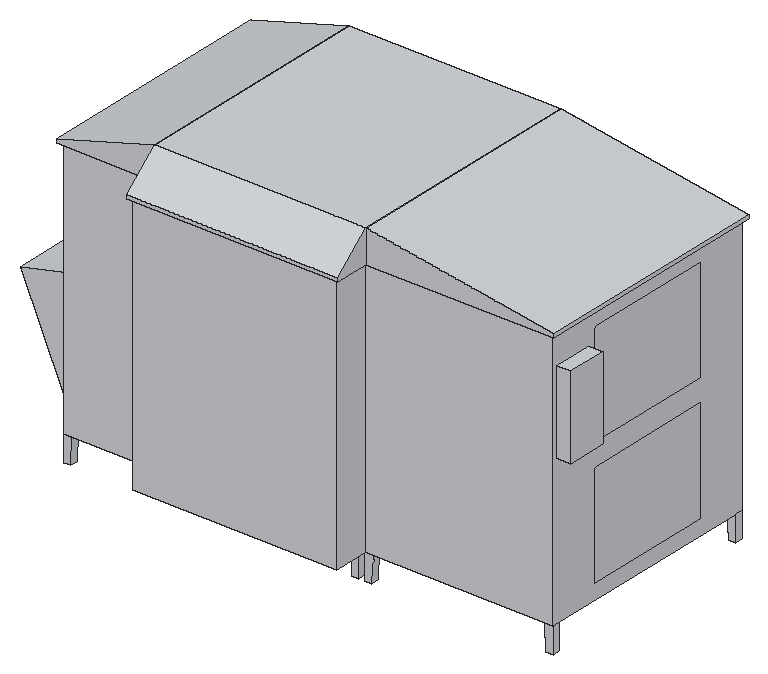
Revit family "AHU 4 _4", category Mechanické zařízení, Revit 2018
Family settings
  Kóta kulaté spojky = Použít průměr
  Typ dílu = Normální
  Číslo OmniClass = 23.75.00.00
  Nadpis OmniClass = Climate Control (HVAC)
  Založené na pracovní rovině = Ne
  Vždy vertikální = Ano
  Ořezat dutým tvarem při načtení = Ne
  Sdílené = Ne
  Bod výpočtu místnosti = Ne
Parameters (values of type "DUPLEXVENT 11000 Multi-N")
  Width [instance] = 2.1 mm
  Weight [instance] = 1408.00 kg
  URL = ""
  Type [instance] = "DUPLEXVENT 11000 Multi-N"
  Total_SFP [instance] = 0
  Supply_outlet_hum [instance] = 90
  Supply_inlet_hum [instance] = 90
  Supply_ext_pressure [instance] = 0.0 Pa
  Supply_SFP [instance] = 0
  Source_adu_file [instance] = ""
  Recuperation_type [instance] = "Plate heat recovery exchanger"
  Recuperation_efficiency_EN308 [instance] = 0
  Project_name [instance] = ""
  Project_date [instance] = "9.8.2023"
  Power_supply_fusing [instance] = "0"
  Power_supply_cable [instance] = "0"
  Position [instance] = "AHU 4 "
  Phases_count [instance] = 3
  Panel_thickness [instance] = 0.06 mm
  Outer_surface [instance] = "RAL 9002"
  Length [instance] = 3.37 mm
  Insulation_type [instance] = "PUR"
  Insulation_thickness [instance] = 0.05 mm
  Installation_environment [instance] = ""
  Input_power_max [instance] = 10800 W
  Inner_surface [instance] = "Pozink"
  I2 [instance] = I1  # 0.0 L/s
  Height [instance] = 1.795 mm
  Exhaust_outlet_hum [instance] = 40
  Exhaust_inlet_hum [instance] = 40
  Exhaust_ext_pressure [instance] = 0.0 Pa
  Exhaust_SFP [instance] = 0
  E1 [instance] = E2 - M1  # 0.0 L/s
  E2 [instance] = 0.0 L/s
  I1 [instance] = 0.0 L/s
  Description = ""
  M1 [instance] = 0.0 L/s
  Device_dutypoint_version [instance] = "0"
  Device_design_version [instance] = "9"
  Device_adu_id [instance] = "4"
  Current_max [instance] = 17.2 A
  Casing_mat [instance] = "painted zinc layer"
  Cable type [instance] = "CYKY 5Jx4"
Reference planes
  plane 1 "Střed (vpředu/vzadu)": y = 0
  plane 2 "ref": z = 0
  plane 3 "Střed (vlevo/vpravo)": x = 0
Forms (mm)
  Sweep 1, solid
    path origin (0, 0, 0) x (0, 0, 1) y (1, 0, 0)
      loop
        line (0, 0) -> (1795, 0)
    profile origin (0, 0, 0) x (1, 0, 0) y (0, 1, 0)
      loop
        line (0, 0) -> (671, 0) -> (671, 1620) -> (0, 1620) -> (0, 0)
  Sweep 2, solid
    path origin (0, 0, 0) x (0, 0, 1) y (1, 0, 0)
      loop
        line (0, 0) -> (1795, 0)
    profile origin (0, 0, 0) x (1, 0, 0) y (0, 1, 0)
      loop
        line (671, -240) -> (2074, -240) -> (2074, 1860) -> (671, 1860) -> (671, -240)
  Sweep 3, solid
    path origin (0, 0, 0) x (0, 0, 1) y (1, 0, 0)
      loop
        line (0, 0) -> (1795, 0)
    profile origin (0, 0, 0) x (1, 0, 0) y (0, 1, 0)
      loop
        line (2074, 0) -> (3367, 0) -> (3367, 1620) -> (2074, 1620) -> (2074, 0)
  Sweep 4, solid
    path origin (1685, 1645, 897) x (1, 0, 0) y (0, 1, 0)
      loop
        line (0, 0) -> (0, -1670)
    profile origin (1685, 1645, 897) x (1, 0, 0) y (0, 0, 1)
      loop
        line (-1710, 897) -> (-1039, 897) -> (-1039, 1123) -> (-1710, 922) -> (-1710, 897)
  Sweep 5, solid
    path origin (646, 810, 897) x (1, 0, 0) y (0, 1, 0)
      loop
        line (0, 0) -> (1456, 0)
    profile origin (646, 810, 897) x (0, 1, 0) y (0, 0, 1)
      loop
        line (-1075, 897) -> (1075, 897) -> (1075, 922) -> (835, 1123) -> (-835, 1123) -> (-1075, 922) -> (-1075, 897)
  Sweep 6, solid
    path origin (1685, 1645, 897) x (1, 0, 0) y (0, 1, 0)
      loop
        line (0, 0) -> (0, -1670)
    profile origin (1685, 1645, 897) x (1, 0, 0) y (0, 0, 1)
      loop
        line (1710, 897) -> (1710, 922) -> (417, 1123) -> (417, 897) -> (1710, 897)
  Sweep 7, solid
    path origin (-250, 1365, 465) x (1, 0, 0) y (0, 1, 0)
      loop
        line (0, 0) -> (0, -1110)
    profile origin (-250, 1365, 465) x (1, 0, 0) y (0, 0, 1)
      loop
        line (249, 400) -> (-250, 280) -> (50, -400) -> (250, -400) -> (249, 400)
  Sweep 8, solid
    path origin (0, 810, 465) x (0, 1, 0) y (-1, 0, 0)
      loop
        line (0, 0) -> (0, 1)
    profile origin (0, 810, 465) x (0, -1, 0) y (0, 0, 1)
      loop
        line (-555, -400) -> (555, -400) -> (555, 400) -> (-555, 400) -> (-555, -400)
  Sweep 9, solid
    path origin (3369, 810, 1330) x (1, 0, 0) y (0, 1, 0)
      loop
        line (0, 0) -> (1, 0)
    profile origin (3369, 810, 1330) x (0, 1, 0) y (0, 0, 1)
      loop
        line (-450, 355) -> (-450, -355) -> (450, -355) -> (450, 355) -> (-450, 355)
  Sweep 10, solid
    path origin (3369, 810, 465) x (1, 0, 0) y (0, 1, 0)
      loop
        line (0, 0) -> (1, 0)
    profile origin (3369, 810, 465) x (0, 1, 0) y (0, 0, 1)
      loop
        line (-450, 355) -> (-450, -355) -> (450, -355) -> (450, 355) -> (-450, 355)
  Sweep 11, solid
    path origin (1, 810, 1330) x (0, 1, 0) y (-1, 0, 0)
      loop
        line (0, 0) -> (0, 1)
    profile origin (1, 810, 1330) x (0, -1, 0) y (0, 0, 1)
      loop
        line (-450, -355) -> (450, -355) -> (450, 355) -> (-450, 355) -> (-450, -355)
  Sweep 12, solid
    path origin (1785, 360, 0) x (0, -1, 0) y (0, 0, 1)
      loop
        line (0, 0) -> (0, -142)
    profile origin (1785, 360, 0) x (-1, 0, 0) y (0, -1, 0)
      loop
        circle (0, 0) r 8
  Sweep 13, solid
    path origin (1793, 360, -150) x (0, 0, -1) y (1, 0, 0)
      loop
        line (0, 0) -> (0, 14)
    profile origin (1793, 360, -150) x (0, 0, 1) y (0, -1, 0)
      loop
        circle (0, 0) r 8
  Sweep 14, solid
    path origin (1815, 360, -142) x (0, -1, 0) y (0, 0, 1)
      loop
        line (0, 0) -> (0, 59)
    profile origin (1815, 360, -142) x (0, 1, 0) y (-1, 0, 0)
      loop
        circle (0, 0) r 8
  Sweep 15, solid
    path origin (1823, 360, -75) x (0, 0, -1) y (1, 0, 0)
      loop
        line (0, 0) -> (0, 22)
    profile origin (1823, 360, -75) x (0, 0, 1) y (0, -1, 0)
      loop
        circle (0, 0) r 8
  Sweep 16, solid
    path origin (970, 360, 0) x (0, -1, 0) y (0, 0, 1)
      loop
        line (0, 0) -> (0, -142)
    profile origin (970, 360, 0) x (-1, 0, 0) y (0, -1, 0)
      loop
        circle (0, 0) r 8
  Sweep 17, solid
    path origin (978, 360, -150) x (0, 0, -1) y (1, 0, 0)
      loop
        line (0, 0) -> (0, 14)
    profile origin (978, 360, -150) x (0, 0, 1) y (0, -1, 0)
      loop
        circle (0, 0) r 8
  Sweep 18, solid
    path origin (1000, 360, -142) x (0, -1, 0) y (0, 0, 1)
      loop
        line (0, 0) -> (0, 59)
    profile origin (1000, 360, -142) x (0, 1, 0) y (-1, 0, 0)
      loop
        circle (0, 0) r 8
  Sweep 19, solid
    path origin (1008, 360, -75) x (0, 0, -1) y (1, 0, 0)
      loop
        line (0, 0) -> (0, 22)
    profile origin (1008, 360, -75) x (0, 0, 1) y (0, -1, 0)
      loop
        circle (0, 0) r 8
  Sweep 20, solid
    path origin (25, 50, 0) x (1, 0, 0) y (0, 1, 0)
      loop
        line (0, 0) -> (0, -50)
    profile origin (25, 50, 0) x (1, 0, 0) y (0, 0, 1)
      loop
        line (-25, 0) -> (-25, -175) -> (25, -175) -> (35, 0) -> (-25, 0)
  Sweep 21, solid
    path origin (3345, 50, 0) x (1, 0, 0) y (0, 1, 0)
      loop
        line (0, 0) -> (0, -50)
    profile origin (3345, 50, 0) x (1, 0, 0) y (0, 0, 1)
      loop
        line (-35, 0) -> (-25, -175) -> (25, -175) -> (25, 0) -> (-35, 0)
  Sweep 22, solid
    path origin (25, 1620, 0) x (1, 0, 0) y (0, 1, 0)
      loop
        line (0, 0) -> (0, -50)
    profile origin (25, 1620, 0) x (1, 0, 0) y (0, 0, 1)
      loop
        line (-25, 0) -> (-25, -175) -> (25, -175) -> (35, 0) -> (-25, 0)
  Sweep 23, solid
    path origin (3345, 1620, 0) x (1, 0, 0) y (0, 1, 0)
      loop
        line (0, 0) -> (0, -50)
    profile origin (3345, 1620, 0) x (1, 0, 0) y (0, 0, 1)
      loop
        line (-35, 0) -> (-25, -175) -> (25, -175) -> (25, 0) -> (-35, 0)
  Sweep 24, solid
    path origin (650, 50, 0) x (1, 0, 0) y (0, 1, 0)
      loop
        line (0, 0) -> (0, -50)
    profile origin (650, 50, 0) x (1, 0, 0) y (0, 0, 1)
      loop
        line (-35, 0) -> (-25, -175) -> (25, -175) -> (25, 0) -> (-35, 0)
  Sweep 25, solid
    path origin (650, 1620, 0) x (1, 0, 0) y (0, 1, 0)
      loop
        line (0, 0) -> (0, -50)
    profile origin (650, 1620, 0) x (1, 0, 0) y (0, 0, 1)
      loop
        line (-35, 0) -> (-25, -175) -> (25, -175) -> (25, 0) -> (-35, 0)
  Sweep 26, solid
    path origin (739, 50, 0) x (1, 0, 0) y (0, 1, 0)
      loop
        line (0, 0) -> (0, -50)
    profile origin (739, 50, 0) x (1, 0, 0) y (0, 0, 1)
      loop
        line (-25, 0) -> (-25, -175) -> (25, -175) -> (35, 0) -> (-25, 0)
  Sweep 27, solid
    path origin (739, 1620, 0) x (1, 0, 0) y (0, 1, 0)
      loop
        line (0, 0) -> (0, -50)
    profile origin (739, 1620, 0) x (1, 0, 0) y (0, 0, 1)
      loop
        line (-25, 0) -> (-25, -175) -> (25, -175) -> (35, 0) -> (-25, 0)
  Sweep 28, solid
    path origin (2009, 50, 0) x (1, 0, 0) y (0, 1, 0)
      loop
        line (0, 0) -> (0, -50)
    profile origin (2009, 50, 0) x (1, 0, 0) y (0, 0, 1)
      loop
        line (-35, 0) -> (-25, -175) -> (25, -175) -> (25, 0) -> (-35, 0)
  Sweep 29, solid
    path origin (2009, 1620, 0) x (1, 0, 0) y (0, 1, 0)
      loop
        line (0, 0) -> (0, -50)
    profile origin (2009, 1620, 0) x (1, 0, 0) y (0, 0, 1)
      loop
        line (-35, 0) -> (-25, -175) -> (25, -175) -> (25, 0) -> (-35, 0)
  Sweep 30, solid
    path origin (2098, 50, 0) x (1, 0, 0) y (0, 1, 0)
      loop
        line (0, 0) -> (0, -50)
    profile origin (2098, 50, 0) x (1, 0, 0) y (0, 0, 1)
      loop
        line (-25, 0) -> (-25, -175) -> (25, -175) -> (35, 0) -> (-25, 0)
  Sweep 31, solid
    path origin (2098, 1620, 0) x (1, 0, 0) y (0, 1, 0)
      loop
        line (0, 0) -> (0, -50)
    profile origin (2098, 1620, 0) x (1, 0, 0) y (0, 0, 1)
      loop
        line (-25, 0) -> (-25, -175) -> (25, -175) -> (35, 0) -> (-25, 0)
  Sweep 32, solid
    path origin (0, 0, 1024) x (0, 0, 1) y (1, 0, 0)
      loop
        line (0, 0) -> (570, 0)
    profile origin (0, 0, 1024) x (1, 0, 0) y (0, 1, 0)
      loop
        line (3370, 25) -> (3470, 25) -> (3470, 300) -> (3370, 300) -> (3370, 25)
  Sweep 33, solid
    path origin (3420, 163, 1024) x (0, -1, 0) y (0, 0, 1)
      loop
        line (0, 0) -> (0, -1)
    profile origin (3420, 163, 1024) x (-1, 0, 0) y (0, -1, 0)
      loop
        circle (0, 0) r 10
Lines and regions (mm)
  model lines, style "Symbol"
    curve 1: line (1382, -240, 0) -> (1382, -240, 359)
    curve 2: line (1382, -240, 1795) -> (1382, -240, 1436)
    curve 3: line (0, 0, 897) -> (671, 0, 897)
    curve 4: line (671, -240, 897) -> (843, -240, 897)
    curve 5: line (2074, -240, 897) -> (1920, -240, 897)
    curve 6: line (2074, 0, 897) -> (3370, 0, 897)
    curve 7: line (843, -240, 897) -> (1112, -240, 1436)
    curve 8: line (1112, -240, 1436) -> (1651, -240, 1436)
    curve 9: line (1651, -240, 1436) -> (1920, -240, 897)
    curve 10: line (1920, -240, 897) -> (1651, -240, 359)
    curve 11: line (1651, -240, 359) -> (1382, -240, 359)
    curve 12: line (1382, -240, 359) -> (1112, -240, 359)
    curve 13: line (1112, -240, 359) -> (843, -240, 897)
    curve 14: line (2975, 0, 1474) -> (3262, 0, 1425)
    curve 15: line (2975, 0, 1218) -> (3262, 0, 1267)
    curve 16: line (395, 0, 1218) -> (108, 0, 1267)
    curve 17: line (395, 0, 1474) -> (108, 0, 1425)
    curve 18: line (67, 0, 179) -> (67, 0, 718)
    curve 19: line (67, 0, 718) -> (270, 0, 718)
    curve 20: line (270, 0, 718) -> (270, 0, 179)
    curve 21: line (270, 0, 179) -> (67, 0, 179)
    curve 22: line (169, 0, 179) -> (270, 0, 449)
    curve 23: line (169, 0, 718) -> (270, 0, 449)
    curve 24: line (3303, 0, 718) -> (3303, 0, 179)
    curve 25: line (3303, 0, 179) -> (3100, 0, 179)
    curve 26: line (3100, 0, 179) -> (3100, 0, 718)
    curve 27: line (3100, 0, 718) -> (3303, 0, 718)
    curve 28: line (3201, 0, 718) -> (3100, 0, 449)
    curve 29: line (3201, 0, 179) -> (3100, 0, 449)
    curve 30: line (1015, -240, 314) -> (771, -240, 794)
    curve 31: line (771, -240, 794) -> (851, -240, 835)
    curve 32: line (851, -240, 835) -> (1095, -240, 355)
    curve 33: line (1095, -240, 355) -> (1015, -240, 314)
    curve 34: line (868, -240, 622) -> (900, -240, 719)
    curve 35: line (966, -240, 430) -> (998, -240, 527)
    curve 36: line (0, -1600, 0) -> (0, -240, 0)
    curve 37: line (3370, -1600, 0) -> (3370, -240, 0)
    curve 38: line (0, -1600, 0) -> (3370, -1600, 0)
    curve 39: line (0, -1600, 1795) -> (0, -240, 1795)
    curve 40: line (3370, -1600, 1795) -> (3370, -240, 1795)
    curve 41: line (0, -1600, 1795) -> (3370, -1600, 1795)
    curve 42: line (0, -1600, 0) -> (0, -1600, 1795)
    curve 43: line (3370, -1600, 0) -> (3370, -1600, 1795)
    curve 44: line (0, -1600, 1595) -> (200, -1600, 1795)
    curve 45: line (0, -1600, 1395) -> (400, -1600, 1795)
    curve 46: line (0, -1600, 1195) -> (600, -1600, 1795)
    curve 47: line (0, -1600, 995) -> (800, -1600, 1795)
    curve 48: line (0, -1600, 795) -> (1000, -1600, 1795)
    curve 49: line (0, -1600, 595) -> (1200, -1600, 1795)
    curve 50: line (0, -1600, 395) -> (1400, -1600, 1795)
    curve 51: line (0, -1600, 195) -> (1600, -1600, 1795)
    curve 52: line (5, -1600, 0) -> (1800, -1600, 1795)
    curve 53: line (205, -1600, 0) -> (2000, -1600, 1795)
    curve 54: line (405, -1600, 0) -> (2200, -1600, 1795)
    curve 55: line (605, -1600, 0) -> (2400, -1600, 1795)
    curve 56: line (805, -1600, 0) -> (2600, -1600, 1795)
    curve 57: line (1005, -1600, 0) -> (2800, -1600, 1795)
    curve 58: line (1205, -1600, 0) -> (3000, -1600, 1795)
    curve 59: line (1405, -1600, 0) -> (3200, -1600, 1795)
    curve 60: line (1605, -1600, 0) -> (3370, -1600, 1765)
    curve 61: line (1805, -1600, 0) -> (3370, -1600, 1565)
    curve 62: line (2005, -1600, 0) -> (3370, -1600, 1365)
    curve 63: line (2205, -1600, 0) -> (3370, -1600, 1165)
    curve 64: line (2405, -1600, 0) -> (3370, -1600, 965)
    curve 65: line (2605, -1600, 0) -> (3370, -1600, 765)
    curve 66: line (2805, -1600, 0) -> (3370, -1600, 565)
    curve 67: line (3005, -1600, 0) -> (3370, -1600, 365)
    curve 68: line (3205, -1600, 0) -> (3370, -1600, 165)
    curve 69: line (3370, -1600, 1595) -> (3370, -1400, 1795)
    curve 70: line (3370, -1600, 1395) -> (3370, -1200, 1795)
    curve 71: line (3370, -1600, 1195) -> (3370, -1000, 1795)
    curve 72: line (3370, -1600, 995) -> (3370, -800, 1795)
    curve 73: line (3370, -1600, 795) -> (3370, -600, 1795)
    curve 74: line (3370, -1600, 595) -> (3370, -400, 1795)
    curve 75: line (3370, -1600, 395) -> (3370, -240, 1755)
    curve 76: line (3370, -1600, 195) -> (3370, -240, 1555)
    curve 77: line (3370, -1595, 0) -> (3370, -240, 1355)
    curve 78: line (3370, -1395, 0) -> (3370, -240, 1155)
    curve 79: line (3370, -1195, 0) -> (3370, -240, 955)
    curve 80: line (3370, -995, 0) -> (3370, -240, 755)
    curve 81: line (3370, -795, 0) -> (3370, -240, 555)
    curve 82: line (3370, -595, 0) -> (3370, -240, 355)
    curve 83: line (3370, -395, 0) -> (3370, -240, 155)
    curve 84: line (0, -1400, 1795) -> (200, -1600, 1795)
    curve 85: line (0, -1200, 1795) -> (400, -1600, 1795)
    curve 86: line (0, -1000, 1795) -> (600, -1600, 1795)
    curve 87: line (0, -800, 1795) -> (800, -1600, 1795)
    curve 88: line (0, -600, 1795) -> (1000, -1600, 1795)
    curve 89: line (0, -400, 1795) -> (1200, -1600, 1795)
    curve 90: line (40, -240, 1795) -> (1400, -1600, 1795)
    curve 91: line (240, -240, 1795) -> (1600, -1600, 1795)
    curve 92: line (440, -240, 1795) -> (1800, -1600, 1795)
    curve 93: line (640, -240, 1795) -> (2000, -1600, 1795)
    curve 94: line (840, -240, 1795) -> (2200, -1600, 1795)
    curve 95: line (1040, -240, 1795) -> (2400, -1600, 1795)
    curve 96: line (1240, -240, 1795) -> (2600, -1600, 1795)
    curve 97: line (1440, -240, 1795) -> (2800, -1600, 1795)
    curve 98: line (1640, -240, 1795) -> (3000, -1600, 1795)
    curve 99: line (1840, -240, 1795) -> (3200, -1600, 1795)
    curve 100: line (2040, -240, 1795) -> (3370, -1570, 1795)
    curve 101: line (2240, -240, 1795) -> (3370, -1370, 1795)
    curve 102: line (2440, -240, 1795) -> (3370, -1170, 1795)
    curve 103: line (2640, -240, 1795) -> (3370, -970, 1795)
    curve 104: line (2840, -240, 1795) -> (3370, -770, 1795)
    curve 105: line (3040, -240, 1795) -> (3370, -570, 1795)
    curve 106: line (3240, -240, 1795) -> (3370, -370, 1795)
    curve 107: line (4090, 0, 0) -> (3370, 0, 0)
    curve 108: line (4090, 1620, 0) -> (3370, 1620, 0)
    curve 109: line (4090, 0, 0) -> (4090, 1620, 0)
    curve 110: line (4090, 0, 1795) -> (3370, 0, 1795)
    curve 111: line (4090, 1620, 1795) -> (3370, 1620, 1795)
    curve 112: line (4090, 0, 1795) -> (4090, 1620, 1795)
    curve 113: line (4090, 0, 0) -> (4090, 0, 1795)
    curve 114: line (4090, 1620, 0) -> (4090, 1620, 1795)
    curve 115: line (4090, 0, 1595) -> (4090, 200, 1795)
    curve 116: line (4090, 0, 1395) -> (4090, 400, 1795)
    curve 117: line (4090, 0, 1195) -> (4090, 600, 1795)
    curve 118: line (4090, 0, 995) -> (4090, 800, 1795)
    curve 119: line (4090, 0, 795) -> (4090, 1000, 1795)
    curve 120: line (4090, 0, 595) -> (4090, 1200, 1795)
    curve 121: line (4090, 0, 395) -> (4090, 1400, 1795)
    curve 122: line (4090, 0, 195) -> (4090, 1600, 1795)
    curve 123: line (4090, 5, 0) -> (4090, 1620, 1615)
    curve 124: line (4090, 205, 0) -> (4090, 1620, 1415)
    curve 125: line (4090, 405, 0) -> (4090, 1620, 1215)
    curve 126: line (4090, 605, 0) -> (4090, 1620, 1015)
    curve 127: line (4090, 805, 0) -> (4090, 1620, 815)
    curve 128: line (4090, 1005, 0) -> (4090, 1620, 615)
    curve 129: line (4090, 1205, 0) -> (4090, 1620, 415)
    curve 130: line (4090, 1405, 0) -> (4090, 1620, 215)
    curve 131: line (4090, 1605, 0) -> (4090, 1620, 15)
    curve 132: line (4090, 1620, 1595) -> (3890, 1620, 1795)
    curve 133: line (4090, 1620, 1395) -> (3690, 1620, 1795)
    curve 134: line (4090, 1620, 1195) -> (3490, 1620, 1795)
    curve 135: line (4090, 1620, 995) -> (3370, 1620, 1715)
    curve 136: line (4090, 1620, 795) -> (3370, 1620, 1515)
    curve 137: line (4090, 1620, 595) -> (3370, 1620, 1315)
    curve 138: line (4090, 1620, 395) -> (3370, 1620, 1115)
    curve 139: line (4090, 1620, 195) -> (3370, 1620, 915)
    curve 140: line (4085, 1620, 0) -> (3370, 1620, 715)
    curve 141: line (3885, 1620, 0) -> (3370, 1620, 515)
    curve 142: line (3685, 1620, 0) -> (3370, 1620, 315)
    curve 143: line (3485, 1620, 0) -> (3370, 1620, 115)
    curve 144: line (3890, 0, 1795) -> (4090, 200, 1795)
    curve 145: line (3690, 0, 1795) -> (4090, 400, 1795)
    curve 146: line (3490, 0, 1795) -> (4090, 600, 1795)
    curve 147: line (3370, 80, 1795) -> (4090, 800, 1795)
    curve 148: line (3370, 280, 1795) -> (4090, 1000, 1795)
    curve 149: line (3370, 480, 1795) -> (4090, 1200, 1795)
    curve 150: line (3370, 680, 1795) -> (4090, 1400, 1795)
    curve 151: line (3370, 880, 1795) -> (4090, 1600, 1795)
    curve 152: line (3370, 1080, 1795) -> (3910, 1620, 1795)
    curve 153: line (3370, 1280, 1795) -> (3710, 1620, 1795)
    curve 154: line (3370, 1480, 1795) -> (3510, 1620, 1795)
    curve 155: line (0, 1620, -175) -> (0, 1620, 0)
    curve 156: line (3370, 1620, -175) -> (3370, 1620, 0)
    curve 157: line (0, 1620, -175) -> (3370, 1620, -175)
    curve 158: line (0, 0, -175) -> (0, 0, 0)
    curve 159: line (3370, 0, -175) -> (3370, 0, 0)
    curve 160: line (0, 0, -175) -> (3370, 0, -175)
    curve 161: line (0, 1620, -175) -> (0, 0, -175)
    curve 162: line (3370, 1620, -175) -> (3370, 0, -175)
    curve 163: line (0, 200, -175) -> (200, 0, -175)
    curve 164: line (0, 400, -175) -> (400, 0, -175)
    curve 165: line (0, 600, -175) -> (600, 0, -175)
    curve 166: line (0, 800, -175) -> (800, 0, -175)
    curve 167: line (0, 1000, -175) -> (1000, 0, -175)
    curve 168: line (0, 1200, -175) -> (1200, 0, -175)
    curve 169: line (0, 1400, -175) -> (1400, 0, -175)
    curve 170: line (0, 1600, -175) -> (1600, 0, -175)
    curve 171: line (180, 1620, -175) -> (1800, 0, -175)
    curve 172: line (380, 1620, -175) -> (2000, 0, -175)
    curve 173: line (580, 1620, -175) -> (2200, 0, -175)
    curve 174: line (780, 1620, -175) -> (2400, 0, -175)
    curve 175: line (980, 1620, -175) -> (2600, 0, -175)
    curve 176: line (1180, 1620, -175) -> (2800, 0, -175)
    curve 177: line (1380, 1620, -175) -> (3000, 0, -175)
    curve 178: line (1580, 1620, -175) -> (3200, 0, -175)
    curve 179: line (1780, 1620, -175) -> (3370, 30, -175)
    curve 180: line (1980, 1620, -175) -> (3370, 230, -175)
    curve 181: line (2180, 1620, -175) -> (3370, 430, -175)
    curve 182: line (2380, 1620, -175) -> (3370, 630, -175)
    curve 183: line (2580, 1620, -175) -> (3370, 830, -175)
    curve 184: line (2780, 1620, -175) -> (3370, 1030, -175)
    curve 185: line (2980, 1620, -175) -> (3370, 1230, -175)
    curve 186: line (3180, 1620, -175) -> (3370, 1430, -175)
    curve 187: line (3370, 200, -175) -> (3370, 25, 0)
    curve 188: line (3370, 400, -175) -> (3370, 225, 0)
    curve 189: line (3370, 600, -175) -> (3370, 425, 0)
    curve 190: line (3370, 800, -175) -> (3370, 625, 0)
    curve 191: line (3370, 1000, -175) -> (3370, 825, 0)
    curve 192: line (3370, 1200, -175) -> (3370, 1025, 0)
    curve 193: line (3370, 1400, -175) -> (3370, 1225, 0)
    curve 194: line (3370, 1600, -175) -> (3370, 1425, 0)
    curve 195: line (25, 0, 0) -> (200, 0, -175)
    curve 196: line (225, 0, 0) -> (400, 0, -175)
    curve 197: line (425, 0, 0) -> (600, 0, -175)
    curve 198: line (625, 0, 0) -> (800, 0, -175)
    curve 199: line (825, 0, 0) -> (1000, 0, -175)
    curve 200: line (1025, 0, 0) -> (1200, 0, -175)
    curve 201: line (1225, 0, 0) -> (1400, 0, -175)
    curve 202: line (1425, 0, 0) -> (1600, 0, -175)
    curve 203: line (1625, 0, 0) -> (1800, 0, -175)
    curve 204: line (1825, 0, 0) -> (2000, 0, -175)
    curve 205: line (2025, 0, 0) -> (2200, 0, -175)
    curve 206: line (2225, 0, 0) -> (2400, 0, -175)
    curve 207: line (2425, 0, 0) -> (2600, 0, -175)
    curve 208: line (2625, 0, 0) -> (2800, 0, -175)
    curve 209: line (2825, 0, 0) -> (3000, 0, -175)
    curve 210: line (3025, 0, 0) -> (3200, 0, -175)
    curve 211: line (3225, 0, 0) -> (3370, 0, -145)
    curve 212: line (0, 0, 2395) -> (0, 0, 1795)
    curve 213: line (3370, 0, 2395) -> (3370, 0, 1795)
    curve 214: line (0, 0, 2395) -> (3370, 0, 2395)
    curve 215: line (0, 1620, 2395) -> (0, 1620, 1795)
    curve 216: line (3370, 1620, 2395) -> (3370, 1620, 1795)
    curve 217: line (0, 1620, 2395) -> (3370, 1620, 2395)
    curve 218: line (0, 0, 2395) -> (0, 1620, 2395)
    curve 219: line (3370, 0, 2395) -> (3370, 1620, 2395)
    curve 220: line (0, 1420, 2395) -> (200, 1620, 2395)
    curve 221: line (0, 1220, 2395) -> (400, 1620, 2395)
    curve 222: line (0, 1020, 2395) -> (600, 1620, 2395)
    curve 223: line (0, 820, 2395) -> (800, 1620, 2395)
    curve 224: line (0, 620, 2395) -> (1000, 1620, 2395)
    curve 225: line (0, 420, 2395) -> (1200, 1620, 2395)
    curve 226: line (0, 220, 2395) -> (1400, 1620, 2395)
    curve 227: line (0, 20, 2395) -> (1600, 1620, 2395)
    curve 228: line (180, 0, 2395) -> (1800, 1620, 2395)
    curve 229: line (380, 0, 2395) -> (2000, 1620, 2395)
    curve 230: line (580, 0, 2395) -> (2200, 1620, 2395)
    curve 231: line (780, 0, 2395) -> (2400, 1620, 2395)
    curve 232: line (980, 0, 2395) -> (2600, 1620, 2395)
    curve 233: line (1180, 0, 2395) -> (2800, 1620, 2395)
    curve 234: line (1380, 0, 2395) -> (3000, 1620, 2395)
    curve 235: line (1580, 0, 2395) -> (3200, 1620, 2395)
    curve 236: line (1780, 0, 2395) -> (3370, 1590, 2395)
    curve 237: line (1980, 0, 2395) -> (3370, 1390, 2395)
    curve 238: line (2180, 0, 2395) -> (3370, 1190, 2395)
    curve 239: line (2380, 0, 2395) -> (3370, 990, 2395)
    curve 240: line (2580, 0, 2395) -> (3370, 790, 2395)
    curve 241: line (2780, 0, 2395) -> (3370, 590, 2395)
    curve 242: line (2980, 0, 2395) -> (3370, 390, 2395)
    curve 243: line (3180, 0, 2395) -> (3370, 190, 2395)
    curve 244: line (3370, 1420, 2395) -> (3370, 1620, 2195)
    curve 245: line (3370, 1220, 2395) -> (3370, 1620, 1995)
    curve 246: line (3370, 1020, 2395) -> (3370, 1620, 1795)
    curve 247: line (3370, 820, 2395) -> (3370, 1420, 1795)
    curve 248: line (3370, 620, 2395) -> (3370, 1220, 1795)
    curve 249: line (3370, 420, 2395) -> (3370, 1020, 1795)
    curve 250: line (3370, 220, 2395) -> (3370, 820, 1795)
    curve 251: line (3370, 20, 2395) -> (3370, 620, 1795)
    curve 252: line (3370, 0, 2215) -> (3370, 420, 1795)
    curve 253: line (3370, 0, 2015) -> (3370, 220, 1795)
    curve 254: line (3370, 0, 1815) -> (3370, 20, 1795)
    curve 255: line (0, 1620, 2195) -> (200, 1620, 2395)
    curve 256: line (0, 1620, 1995) -> (400, 1620, 2395)
    curve 257: line (0, 1620, 1795) -> (600, 1620, 2395)
    curve 258: line (200, 1620, 1795) -> (800, 1620, 2395)
    curve 259: line (400, 1620, 1795) -> (1000, 1620, 2395)
    curve 260: line (600, 1620, 1795) -> (1200, 1620, 2395)
    curve 261: line (800, 1620, 1795) -> (1400, 1620, 2395)
    curve 262: line (1000, 1620, 1795) -> (1600, 1620, 2395)
    curve 263: line (1200, 1620, 1795) -> (1800, 1620, 2395)
    curve 264: line (1400, 1620, 1795) -> (2000, 1620, 2395)
    curve 265: line (1600, 1620, 1795) -> (2200, 1620, 2395)
    curve 266: line (1800, 1620, 1795) -> (2400, 1620, 2395)
    curve 267: line (2000, 1620, 1795) -> (2600, 1620, 2395)
    curve 268: line (2200, 1620, 1795) -> (2800, 1620, 2395)
    curve 269: line (2400, 1620, 1795) -> (3000, 1620, 2395)
    curve 270: line (2600, 1620, 1795) -> (3200, 1620, 2395)
    curve 271: line (2800, 1620, 1795) -> (3370, 1620, 2365)
    curve 272: line (3000, 1620, 1795) -> (3370, 1620, 2165)
    curve 273: line (3200, 1620, 1795) -> (3370, 1620, 1965)
    curve 274: circle (3101, 0, 1346) r 179 normal (0, -1, 0)
    curve 275: circle (269, 0, 1346) r 179 normal (0, -1, 0)
    curve 276: circle (884, -240, 670) r 13 normal (0, -1, 0)
    curve 277: circle (982, -240, 478) r 13 normal (0, -1, 0)
    curve 278: circle (1785, 360, 0) r 8 normal (0, 0, -1)
    curve 279: circle (1785, 360, -142) r 8 normal (0, 0, -1)
    curve 280: circle (970, 360, 0) r 8 normal (0, 0, -1)
    curve 281: circle (970, 360, -142) r 8 normal (0, 0, -1)
Dimensions and locks
  aligned and locked: level to plane 2 "ref"
Connectors
  hvac at (-1, 810, 465), driven by "E1"
    settings: on Sweep 8, index 1, duct flow 0.0 L/s, flow factor 0, pres drop 0.0 Pa, loss coef 0, conn angle 0.00°, conn width 10 mm, conn height 10 mm, conn diameter 609.6 mm, duct sys type 1, conn prof type 1, flow config 1, flow direction 1, loss method 0, conn ref index -1, conn util no, is conn primary yes, conn desc ""
  hvac at (3370, 810, 1330), driven by "E2"
    settings: on Sweep 9, index 2, duct flow 0.0 L/s, flow factor 1, pres drop 0.0 Pa, loss coef 0, conn angle 0.00°, conn width 900 mm, conn height 710 mm, conn diameter 609.6 mm, duct sys type 1, conn prof type 1, flow config 2, flow direction 2, loss method 0, conn ref index -1, conn util no, is conn primary no, conn desc ""
  hvac at (3370, 810, 465), driven by "I1"
    settings: on Sweep 10, index 3, duct flow 0.0 L/s, flow factor 1, pres drop 0.0 Pa, loss coef 0, conn angle 0.00°, conn width 900 mm, conn height 710 mm, conn diameter 609.6 mm, duct sys type 3, conn prof type 1, flow config 2, flow direction 1, loss method 0, conn ref index -1, conn util no, is conn primary no, conn desc ""
  hvac at (0, 810, 1330), driven by "I2"
    settings: on Sweep 11, index 4, duct flow 0.0 L/s, flow factor 0, pres drop 0.0 Pa, loss coef 0, conn angle 0.00°, conn width 900 mm, conn height 710 mm, conn diameter 609.6 mm, duct sys type 3, conn prof type 1, flow config 1, flow direction 2, loss method 0, conn ref index -1, conn util no, is conn primary no, conn desc ""
  piping at (1845, 360, -75), diameter 40
    settings: on Sweep 15, index 5, connector inside diameter 609.6 mm, connector length 0 mm, flow factor 0, pipe flow 0.0 L/s, pressure drop 0.0 Pa, fitting loss kfactor 0, connector angle 0.00°, fixture units 0, engagement length 0 mm, angle of deflection 0.00°, flow configuration 1, flow direction 2, fitting loss method 0, system type 16, joint type 0, gender type 0, connector reference index -1, connector utility 0, adjustable connector no, is connector primary yes, connector description ""
  piping at (1030, 360, -75), diameter 40
    settings: on Sweep 19, index 6, connector inside diameter 609.6 mm, connector length 0 mm, flow factor 0, pipe flow 0.0 L/s, pressure drop 0.0 Pa, fitting loss kfactor 0, connector angle 0.00°, fixture units 0, engagement length 0 mm, angle of deflection 0.00°, flow configuration 1, flow direction 2, fitting loss method 0, system type 16, joint type 0, gender type 0, connector reference index -1, connector utility 0, adjustable connector no, is connector primary no, connector description ""
  electrical at (3420, 163, 1023)
    settings: on Sweep 33, index 7, voltage 400 V, apparent load 0 VA, apparent load phase1 0 VA, apparent load phase2 0 VA, apparent load phase3 0 VA, power factor 1, load classification "Další", number of poles 3, system type 31, power factor state 1, is connector primary yes, connector utility no, sub classification motor no, connector description ""
